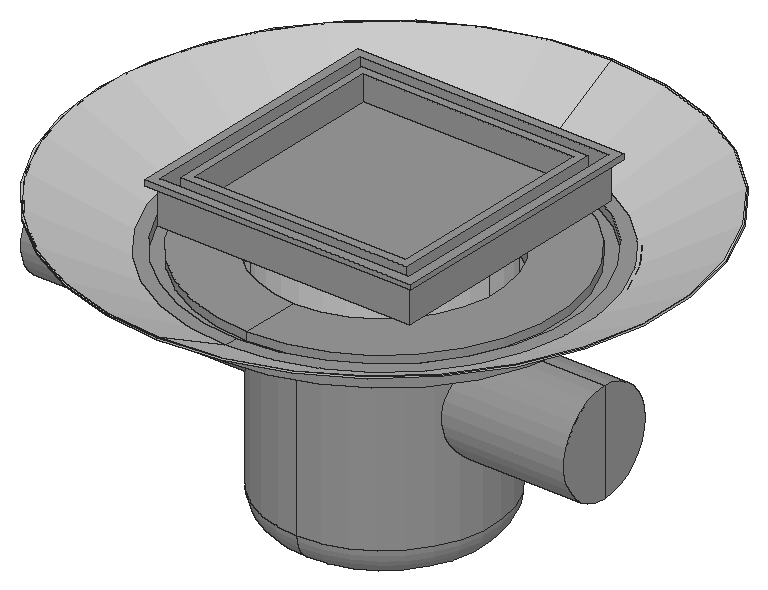
Revit family "HL_Трап для внутренних помещений_HL300-3020", category Instalační zařizovací předměty, Revit 2016
Family settings
  Typ součásti = Normální
  Kóta kulaté spojky = Použít průměr
  Číslo OmniClass = 23.70.50.21.24.14
  Nadpis OmniClass = Deck Waste Water Drains
  Založené na pracovní rovině = Ne
  Vždy vertikální = Ano
  Ořezat dutým tvarem při načtení = Ne
  Sdílené = Ano
  Bod výpočtu místnosti = Ano
Parameters (values of type "HL300-3020")
  РЕШЁТКА = "10 - 80 mm / 132 x 132 mm / PP-V4A"
  РАЗМЕР = "DN50"
  ПРОПУСКНАЯ СПОСОБНОСТЬ = 0.5 L/s
  ПРОИЗВОДИТЕЛЬНОСТЬ = "0,5 l/sec"
  ПРИЁМНОЕ ОТВЕРСТИЕ = "DN40/50"
  ПРАВОВАЯ ИНФОРМАЦИЯ = "Авторские права(©), права на дизайн или какие либо другие права интелектуальной собственности являются исключительной собственностью компании HL Hutterer & Lechner. Изменению не подлежит. Файл семейства с данными о прозводителе изделия защищен паролем с водяным знаком."  # constant formula
  НОРМЫ = ""
  НОМИНАЛЬНЫЙ ДИАМЕТР ПРИТОКА [instance] = 40 mm
  НОМИНАЛЬНЫЙ ДИАМЕТР = 50 mm
  НАСАДКА = "112 x 112 mm / ABS-V4A"
  МАТЕРИАЛ = "PE"
  МАКСИМАЛЬНАЯ НАГРУЗКА КЛАССА = "K3 - 300 kg"
  ВЫСОТА МОНТАЖА = "155 mm"
  ВЕС = "0,85 [kg]"
  Připojení ventilace = no
  Výrobce = "HL Hutterer & Lechner GmbH"  # constant formula
  URL = "http://www.hutterer-lechner.com/ru/products/catalog/floor-drains/attachments/HL300-3020.aspx"
  Připojení odpadu = yes
  Připojení HW = no
  Popis = "Трапы для внутренних помещений"
  Model = "HL300-3020"
  Komentáře k typům = "HL300-3020 Трап для внутренний помещений с гидрозатвором и обратным клапаном, горизонтальный DN50, с дополнительным входом DN40/50, с надставным элементом для вклеивания керамической плитки 132х132/112х112 мм"
  Keynote = "HL300-3020"
  Высота монтажа [instance] = 155 mm
  IN_Test [instance] = if(НОМИНАЛЬНЫЙ ДИАМЕТР ПРИТОКА = 40 mm, 30 mm, if(НОМИНАЛЬНЫЙ ДИАМЕТР ПРИТОКА = 50 mm, 30 mm, 0 mm))  # 30 mm
  EAN = "9003076034345"
  Připojení CW = no
  C [instance] = if(НОМИНАЛЬНЫЙ ДИАМЕТР ПРИТОКА = 40 mm, 164 mm, 114 mm)  # 164 mm
  B [instance] = Высота монтажа - 71 mm  # 84 mm
  A [instance] = if(B - 100 mm > 15 mm, B - 100 mm, 15 mm)  # 15 mm
Reference planes
  plane 1 "Center (Front/Back)": y = 0
  plane 2: z = 0
  plane 3 "Center (Left/Right)": x = 0
  plane 4 "Ball Joint Vertical": x = 25.45
  plane 5: z = -155
  plane 6: z = -84
Lines and regions (mm)
  model lines, style "InvisibleLines"
    curve 1: line (0, 0, 0) -> (0, 0, 1000)
  reference lines
    curve 2: line (0, 0, -84) -> (109, 0, -84)
    curve 6: line (0, 0, -84) -> (-164, 0, -84)
  model lines, detail levels coarse+medium
    curve 3: line (0, 0, -84) -> (0, 0, -69)
    curve 4: line (0, 0, -69) -> (69, 0, 0)
    curve 5: line (0, 0, -69) -> (-69, 0, 0)
    curve 8: line (-164, 0, -84) -> (109, 0, -84)
  symbolic lines, style "InvisibleLines", not visible
    curve 7: line (0, 0, 0) -> (0, 0, -30)
  symbolic lines, detail levels coarse+medium
    curve 9: line (75, 75, 0) -> (-75, 75, 0)
    curve 10: line (75, -75, 0) -> (75, 75, 0)
    curve 11: line (-75, -75, 0) -> (75, -75, 0)
    curve 12: line (-75, 75, 0) -> (-75, -75, 0)
    curve 13: line (75, 75, 0) -> (145.711, 145.711, 0)
    curve 14: line (-75, 75, 0) -> (-145.711, 145.711, 0)
    curve 15: line (75, -75, 0) -> (145.711, -145.711, 0)
    curve 16: line (-75, -75, 0) -> (-145.711, -145.711, 0)
  symbolic lines, not visible, detail levels coarse+medium
    curve 17: line (238.727, 373.786, 0) -> (88.727, 373.786, 0)
    curve 18: line (238.727, 223.786, 0) -> (238.727, 373.786, 0)
    curve 19: line (88.727, 223.786, 0) -> (238.727, 223.786, 0)
    curve 20: line (88.727, 373.786, 0) -> (88.727, 223.786, 0)
    curve 21: line (238.727, 373.786, 0) -> (309.437, 444.496, 0)
    curve 22: line (88.727, 373.786, 0) -> (18.016, 444.496, 0)
    curve 23: line (238.727, 223.786, 0) -> (309.437, 153.075, 0)
    curve 24: line (88.727, 223.786, 0) -> (18.016, 153.075, 0)
Text (mm)
  text "ПОЛ" at (-198.233, 0, -26.556), in view "Drain Construction View"
Dimensions and locks
  locked: plane 4 "Ball Joint Vertical" to plane 3 "Center (Left/Right)" at 25.45
  "Высота монтажа": plane 2 to plane 5
  "A": curve 5 to plane 6
  "B": curve 5 to plane 6
  "B": curve 4 to plane 6
  "B": plane 2 to plane 6
  locked: nested 2 to plane 5 at 141.029
  "IN_Test": curve 7 to curve 7
  "C": curve 6 to curve 6
  locked: curve 8 to curve 6
  locked: curve 8 to curve 2 at 0
  locked: curve 4 to plane 3 "Center (Left/Right)" (angle 45.00°)
  locked: plane 3 "Center (Left/Right)" to curve 5 (angle 45.00°)
  aligned and locked: level to plane 2
  aligned and locked: plane 2 to curve 1
  aligned and locked: plane 3 "Center (Left/Right)" to curve 1
  aligned and locked: plane 3 "Center (Left/Right)" to curve 2
  aligned and locked: plane 3 "Center (Left/Right)" to curve 3
  aligned and locked: plane 3 "Center (Left/Right)" to curve 5
  aligned and locked: nested 2 to nested 3
  aligned and locked: plane 2 to nested 1
Automatic sketch dimensions
  level to curve 1 = 1000 mm
  curve 2 to plane 6 = 0 mm
  plane 4 "Ball Joint Vertical" to curve 2 = 83.55 mm
Nested families
  nested 1: "HL_Насадка_HL3020" at (0, 0, 0), type "HL3020_Main Component"
    with Высота монтажа 30 mm, RN 2, RL 13 mm, R no, NL_Test yes, NL 50 mm
  nested 2: "HL_Корпус для трапа внутренних помещений_HL300K-3020" at (0, 0, -13.971) x (-1, 0, 0) z (0, 0, 1), НОМИНАЛЬНЫЙ ДИАМЕТР ПРИТОКА <- "НОМИНАЛЬНЫЙ ДИАМЕТР ПРИТОКА", type "HL300K-3020_Main Component"
    with НОМИНАЛЬНЫЙ ДИАМЕТР ПРИТОКА 40 mm, A 0 mm
  nested 3: "HL_Вкладыш сифона_HL0300.6E" at (0, 0, -47.306), type "HL0300.6E_Main Component"
Connectors
  piping at (109, 0, -84), diameter 50, driven by "ПРОПУСКНАЯ СПОСОБНОСТЬ", driven by "НОМИНАЛЬНЫЙ ДИАМЕТР"
    settings: on curve 2, index 1, connector inside diameter 609.6 mm, connector length 0 mm, flow factor 0, pipe flow 0.5 L/s, pressure drop 0.0 Pa, fitting loss kfactor 0, connector angle 0.00°, fixture units 0, engagement length 0 mm, angle of deflection 0.00°, flow configuration 1, flow direction 2, fitting loss method 0, system type 16, joint type 0, gender type 0, connector reference index -1, connector utility 0, adjustable connector yes, is connector primary yes, connector description ""
  piping at (-164, 0, -84), diameter 40, driven by "ПРОПУСКНАЯ СПОСОБНОСТЬ", driven by "НОМИНАЛЬНЫЙ ДИАМЕТР ПРИТОКА"
    settings: on curve 6, index 2, connector inside diameter 609.6 mm, connector length 0 mm, flow factor 1, pipe flow 0.5 L/s, pressure drop 0.0 Pa, fitting loss kfactor 0, connector angle 0.00°, fixture units 0, engagement length 0 mm, angle of deflection 0.00°, flow configuration 2, flow direction 1, fitting loss method 0, system type 16, joint type 0, gender type 0, connector reference index -1, connector utility 0, adjustable connector yes, is connector primary no, connector description ""
Definition of nested family "HL_Насадка_HL3020"
  Parameters (values of type "HL3020")
    РЕШЁТКА = "112 x 112 mm / ABS-V4A"
    РАЗМЕР = "d 110 mm"
    ПРАВОВАЯ ИНФОРМАЦИЯ = "Авторские права(©), права на дизайн или какие либо другие права интелектуальной собственности являются исключительной собственностью компании HL Hutterer & Lechner. Изменению не подлежит. Файл семейства с данными о прозводителе изделия защищен паролем с водяным знаком."  # constant formula
    НАСАДКА = "132 x 132 mm / PP-V4A"
    МАКСИМАЛЬНАЯ НАГРУЗКА КЛАССА = "K3 - 300 kg"
    Высота монтажа [instance] = 100 mm
    ВЫСОТА МОНТАЖА = "30 - 100 mm (10-80 mm)"
    ВЕС = "0,32 [kg]"
    Waste Connection = yes
    Vent Connection = no
    RD = 6.5 mm  # constant formula
    R [instance] = ((Высота монтажа - NL_Min) / RD - 1) > 2  # yes
    RL [instance] = RD * RN  # 84.5 mm
    NL_Test [instance] = and(or(Высота монтажа < NL_Max, Высота монтажа = NL_Max), or(Высота монтажа > NL_Min, Высота монтажа = NL_Min))  # yes
    NL_Min = 30 mm
    NL_Max = 100 mm
    NL [instance] = if(NL_Test, Высота монтажа + 20 mm, 0 mm)  # 120 mm
    RN [instance] = if((Высота монтажа + 20 mm - NL_Min) / RD - 1 < 2, 2, (Высота монтажа + 20 mm - NL_Min) / RD - 1)  # 13
    Manufacturer = "HL Hutterer & Lechner GmbH"  # constant formula
    URL = "http://www.hutterer-lechner.com/ru/products/catalog/floor-drains/attachments/HL3020.aspx"
    HW Connection = no
    Description = "Трапы для внутренних помещений - Комплектующие"
    Model = "HL3020"
    Type Comments = "HL3020 Надставной элемент ?110 мм с подрамником из нержавеющей стали 132х132 мм и вкладышем 112х112 мм для вклеивания керамической плитки"
    Keynote = "HL3020"
    EAN = "9003076034253"
    CW Connection = no
  Reference planes
    plane 1 "Center (Front/Back)": y = 0
    plane 2: z = 0
    plane 3 "Center (Left/Right)": x = 0
    plane 4 "Ball Joint Vertical": x = 25.45
    plane 5: z = -120
  Forms (mm)
    Sweep 1, solid, detail levels fine
      path origin (0, 0, 0) x (1, 0, 0) y (0, 1, 0)
        loop
          line (-66, 66) -> (-66, -66) -> (66, -66) -> (66, 66) -> (-66, 66)
      profile origin (0, 66, 0) x (0, 1, 0) y (0, 0, 1)
        loop
          line (0, 0) -> (-4.35, 0) -> (-4.35, -20.7) -> (-3.55, -20.7) -> (-3.55, -2.5) -> (0, -2.5) -> (0, 0)
        loop
          line (-10, 0) -> (-14, 0) -> (-14, -14) -> (-10, -14) -> (-10, 0)
    Extrusion 2, solid, detail levels fine
      sketch origin (0, 0, 0) x (1, 0, 0) y (0, 1, 0)
        loop
          line (-56, 56) -> (-56, -56) -> (56, -56) -> (56, 56) -> (-56, 56)
      from -12 to -14
    Extrusion 3, solid, detail levels fine
      sketch origin (0, 0, 0) x (1, 0, 0) y (0, 1, 0)
        loop
          line (-61.75, 61.75) -> (-61.75, -61.75) -> (61.75, -61.75) -> (61.75, 61.75) -> (-61.75, 61.75)
      from -20.7 to -19.079
    Revolve 4, solid, detail levels fine
      sketch origin (0, 0, 0) x (1, 0, 0) y (0, 0, 1)
        loop
          line (52, -120) -> (52, -20.7) -> (50.2, -20.7) -> (50.2, -120) -> (52, -120)
        axis (0, -20.7) -> (0, -120)
      angle from 0 to 360
  Lines and regions (mm)
    symbolic lines
      curve 1: line (0, 0, -120) -> (0, 0, 0)
    model lines
      curve 2: line (0, 0, 0) -> (0, 0, 100)
  Text (mm)
    text "ROOF/FLOOR" at (-198.233, 0, -26.556), in view "Drain Construction View"
  Dimensions and locks
    locked: plane 4 "Ball Joint Vertical" to plane 3 "Center (Left/Right)" at 25.45
    "NL": plane 2 to plane 5
    equal spacing: group 1, group 3, group 4, group 5, group 6, group 7, group 8, group 9, group 10, group 11, group 12, group 13, group 2  (x3)
    "RL": nested 2 to nested 1
    locked: nested 1 to plane 5 at 1.516
    aligned and locked: level to plane 2
    aligned and locked: plane 3 "Center (Left/Right)" to nested 1
    aligned and locked: plane 1 "Center (Front/Back)" to nested 1
    aligned and locked: plane 2 to curve 1
    aligned and locked: plane 5 to curve 1
    aligned and locked: Sweep 1 to Revolve 4 sketch curve
    aligned and locked: plane 5 to Revolve 4 sketch curve
  Automatic sketch dimensions
    Sweep 1 sketch curve to plane 3 "Center (Left/Right)" = 66 mm
    plane 4 "Ball Joint Vertical" to Sweep 1 sketch curve = 40.55 mm
    plane 1 "Center (Front/Back)" to Sweep 1 sketch curve = 66 mm
    Sweep 1 sketch curve to plane 1 "Center (Front/Back)" = 66 mm
    Sweep 1 sketch curve to profile plane = 0 mm  (x3)
    profile plane to Sweep 1 sketch curve = 3.55 mm
    Sweep 1 sketch curve to Sweep 1 sketch curve = 0.8 mm
    Sweep 1 sketch curve to Sweep 1 sketch curve = 5.65 mm
    Sweep 1 sketch curve to Sweep 1 sketch curve = 4 mm
    Sweep 1 sketch curve to profile plane = 2.5 mm
    Sweep 1 sketch curve to Sweep 1 sketch curve = 11.5 mm
    Sweep 1 sketch curve to Sweep 1 sketch curve = 6.7 mm
    Extrusion 2 sketch curve to plane 3 "Center (Left/Right)" = 56 mm
    plane 4 "Ball Joint Vertical" to Extrusion 2 sketch curve = 30.55 mm
    plane 1 "Center (Front/Back)" to Extrusion 2 sketch curve = 56 mm
    Extrusion 2 sketch curve to plane 1 "Center (Front/Back)" = 56 mm
    Extrusion 3 sketch curve to plane 3 "Center (Left/Right)" = 61.75 mm
    plane 4 "Ball Joint Vertical" to Extrusion 3 sketch curve = 36.3 mm
    plane 1 "Center (Front/Back)" to Extrusion 3 sketch curve = 61.75 mm
    Extrusion 3 sketch curve to plane 1 "Center (Front/Back)" = 61.75 mm
    Revolve 4 sketch curve to plane 3 "Center (Left/Right)" = 0 mm
    plane 4 "Ball Joint Vertical" to Revolve 4 sketch curve = 24.75 mm
    Revolve 4 sketch curve to Revolve 4 sketch curve = 1.8 mm
    Revolve 4 sketch curve to level = 22.222 mm
    level to Revolve 4 sketch curve = 10 mm
    curve 2 to plane 3 "Center (Left/Right)" = 0 mm
    level to curve 2 = 100 mm
  Nested families
    nested 1: "Ring" at (0, 0, -118.484), visible <- "R", type "Ring"
      with R 52 mm, D 104 mm
    nested 2: "Ring" at (0, 0, -33.984), visible <- "R", type "Ring"
      with R 52 mm, D 104 mm
    nested 3: "Ring" at (0, 0, -111.442), visible <- "R", type "Ring"
      with R 52 mm, D 104 mm
    nested 4: "Ring" at (0, 0, -104.401), visible <- "R", type "Ring"
      with R 52 mm, D 104 mm
    nested 5: "Ring" at (0, 0, -97.359), visible <- "R", type "Ring"
      with R 52 mm, D 104 mm
    nested 6: "Ring" at (0, 0, -90.317), visible <- "R", type "Ring"
      with R 52 mm, D 104 mm
    nested 7: "Ring" at (0, 0, -83.276), visible <- "R", type "Ring"
      with R 52 mm, D 104 mm
    nested 8: "Ring" at (0, 0, -76.234), visible <- "R", type "Ring"
      with R 52 mm, D 104 mm
    nested 9: "Ring" at (0, 0, -69.192), visible <- "R", type "Ring"
      with R 52 mm, D 104 mm
    nested 10: "Ring" at (0, 0, -62.151), visible <- "R", type "Ring"
      with R 52 mm, D 104 mm
    nested 11: "Ring" at (0, 0, -55.109), visible <- "R", type "Ring"
      with R 52 mm, D 104 mm
    nested 12: "Ring" at (0, 0, -48.067), visible <- "R", type "Ring"
      with R 52 mm, D 104 mm
    nested 13: "Ring" at (0, 0, -41.026), visible <- "R", type "Ring"
      with R 52 mm, D 104 mm
  Definition of nested family "Ring"
    Parameters (values of type "Ring")
      Manufacturer = ""
      URL = ""
      R = D / 2  # 51.5 mm
      Description = ""
      Model = ""
      Material = none
      Type Comments = ""
      D = 103 mm
      Cost = 0
    Reference planes
      plane 1 "Střed (vpředu/vzadu)": y = 0
      plane 2: z = 0
      plane 3 "Střed (vlevo/vpravo)": x = 0
    Forms (mm)
      Revolve 1, solid, material <- "Material", detail levels fine
        sketch origin (0, 0, 0) x (1, 0, 0) y (0, 0, 1)
          loop
            line (-51.5, 1.482) -> (-54.764, 0) -> (-51.5, -1.516) -> (-51.5, 1.482)
          axis (0, 1.482) -> (0, -1.516)
        angle from 0 to 360
    Dimensions and locks
      "R": Revolve 1 sketch curve to plane 3 "Střed (vlevo/vpravo)"
      aligned and locked: level to plane 2
      aligned and locked: Revolve 1 sketch curve to plane 3 "Střed (vlevo/vpravo)"
    Automatic sketch dimensions
      Revolve 1 sketch curve to level = 0 mm
      Revolve 1 sketch curve to Revolve 1 sketch curve = 3.264 mm
      Revolve 1 sketch curve to level = 1.516 mm
      level to Revolve 1 sketch curve = 1.482 mm
      Revolve 1 sketch curve to level = 381 mm
      Revolve 1 sketch curve to Revolve 1 sketch curve = 2212.833 mm
Definition of nested family "HL_Корпус для трапа внутренних помещений_HL300K-3020"
  Parameters (values of type "HL300K-3020")
    РАЗМЕР = "DN50"
    ПРИЁМНОЕ ОТВЕРСТИЕ = "DN40/50"
    ПРАВОВАЯ ИНФОРМАЦИЯ = "Авторские права(©), права на дизайн или какие либо другие права интелектуальной собственности являются исключительной собственностью компании HL Hutterer & Lechner. Изменению не подлежит. Файл семейства с данными о прозводителе изделия защищен паролем с водяным знаком."  # constant formula
    НОМИНАЛЬНЫЙ ДИАМЕТР ПРИТОКА [instance] = 40 mm
    МАТЕРИАЛ = "PE"
    ВЫСОТА МОНТАЖА = "145 mm"
    ВЕС = "0,47 [kg]"
    Waste Connection = yes
    Vent Connection = no
    Manufacturer = "HL Hutterer & Lechner GmbH"  # constant formula
    URL = "http://www.hutterer-lechner.com/ru/Products/catalog/floor-drains/attachments/HL300K-3020.aspx"
    HW Connection = no
    Description = "Трапы для внутренних помещений - Комплектующие"
    Model = "HL300K-3020"
    Type Comments = "HL300K-3020 Корпус трапа с гидрозатвором и обратным клапаном, с горизонтальным выпуском DN50, с дополнительным входом DN40/50, для серии 3020."
    Keynote = "HL300K-3020"
    EAN = "9003076034338"
    CW Connection = no
    A [instance] = if(НОМИНАЛЬНЫЙ ДИАМЕТР ПРИТОКА = 40 mm, 0 mm, if(НОМИНАЛЬНЫЙ ДИАМЕТР ПРИТОКА = 50 mm, 50 mm, -10 mm))  # 0 mm
  Reference planes
    plane 1 "Center (Front/Back)": y = 0
    plane 2: z = 0
    plane 3 "Center (Left/Right)": x = 0
    plane 4 "Ball Joint Vertical": x = 25.45
  Forms (mm)
    Revolve 1, solid, detail levels fine
      sketch origin (0, 0, 0) x (0, 1, 0) y (0, 0, 1)
        loop
          line (100, -28) -> (100, -22) -> (91.514, -22) -> (91.514, -26) -> (85.014, -26) -> (85.014, -22) -> (56.014, -22) -> (56.014, -36.411) -> (42.014, -36.411) -> (42.014, -32.836) -> (40.014, -32.836) -> (40.014, -44.336) -> (35.514, -44.336) -> (35.514, -46.336) -> (43.014, -46.336) -> (43.014, -38.776) -> (51, -38.776) -> (51, -44.336) -> (51, -125.988)
          arc (51, -125.988) -> (47.485, -134.473) -> (39, -137.988) r 12
          line (39, -137.988) -> (0, -137.988) -> (0, -140.988) -> (39, -140.988)
          arc (39, -140.988) -> (49.607, -136.595) -> (54, -125.988) r 15
          line (54, -125.988) -> (54, -47.988) -> (63.5, -47.988) -> (63.5, -28) -> (100, -28)
        axis (0, -22) -> (0, -140.988)
      angle from 0 to 360
    Revolve 2, void
      sketch origin (0, 0, 0) x (0, 1, 0) y (0, 0, 1)
        loop
          line (141, 0.439) -> (141, -0.938) -> (142.5, -0.938) -> (142.5, 0.439) -> (141, 0.439)
        axis (0, 0.439) -> (0, -0.938)
      angle from 0 to 360
    Revolve 3, solid, detail levels fine
      sketch origin (0, 0, 0) x (1, 0, 0) y (0, 0, 1)
        loop
          line (164, -49.988) -> (119, -49.988) -> (114, -44.988) -> (-109, -44.988) -> (-109, -69.988) -> (164, -69.988) -> (164, -49.988)
        axis (-109, -69.988) -> (164, -69.988)
      angle from 0 to 360
    Extrusion 4, void
      sketch origin (0, 0, 0) x (0, 1, 0) y (0, 0, 1)
        loop
          circle (0, -69.988) r 22
      from -45.446 to -54.704
    Extrusion 5, void
      sketch origin (0, 0, 0) x (1, 0, 0) y (0, 1, 0)
        loop
          circle (0, 0) r 51
      from -44.336 to -95.4
    Extrusion 6, void
      sketch origin (0, 0, 0) x (0, 1, 0) y (0, 0, 1)
        loop
          circle (0, -69.988) r 22
      from 41.774 to 70.911
    Revolve 7, solid, detail levels fine
      sketch origin (0, 0, 0) x (0, 1, 0) y (0, 0, 1)
        loop
          line (142.408, 0) -> (140.394, 0) -> (97.986, -22) -> (100, -22) -> (142.408, 0)
        axis (0, 0) -> (0, -22)
      angle from 0 to 360
    Extrusion 8, void
      sketch origin (164, 0, -69.988) x (0, -1, 0) y (0, 0, 1)
        loop
          line (-40.014, 37.152) -> (-40.014, -37.848) -> (39.986, -37.848) -> (39.986, 37.152) -> (-40.014, 37.152)
      from -10 to 0 <- "A"
  Cuts and joins
    Revolve 2, Extrusion 4, Extrusion 6 cuts Revolve 1
    Extrusion 4, Extrusion 5, Extrusion 6, Extrusion 8 cuts Revolve 3
    joined: Revolve 1, Revolve 3
    Revolve 2 cuts Revolve 7
  Text (mm)
    text "ROOF/FLOOR" at (-198.233, 0, -26.556), in view "Drain Construction View"
  Dimensions and locks
    locked: plane 4 "Ball Joint Vertical" to plane 3 "Center (Left/Right)" at 25.45
    aligned and locked: level to plane 2
Definition of nested family "HL_Вкладыш сифона_HL0300.6E"
  Parameters (values of type "HL0300.6E")
    ПРАВОВАЯ ИНФОРМАЦИЯ = "Авторские права(©), права на дизайн или какие либо другие права интелектуальной собственности являются исключительной собственностью компании HL Hutterer & Lechner. Изменению не подлежит. Файл семейства с данными о прозводителе изделия защищен паролем с водяным знаком."  # constant formula
    ВЕС = "0,06 [kg]"
    Waste Connection = no
    Vent Connection = no
    Manufacturer = "HL Hutterer & Lechner GmbH"  # constant formula
    URL = "http://www.hutterer-lechner.com/ru/products/catalog/floor-drains/attachments/HL0300.6e.aspx"
    HW Connection = no
    Description = "Трапы для внутренних помещений - Комплектующие"
    Model = "HL0300.6E"
    Type Comments = "HL0300.6E Вкладыш запахозапирающий комплектный"
    Keynote = "HL0300.6E"
    EAN = "9003076001224"
    CW Connection = no
  Reference planes
    plane 1 "Center (Front/Back)": y = 0
    plane 2: z = 0
    plane 3 "Center (Left/Right)": x = 0
    plane 4 "Ball Joint Vertical": x = 25.45
  Forms (mm)
    Revolve 1, solid, detail levels fine
      sketch origin (0, 0, 0) x (0, 1, 0) y (0, 0, 1)
        loop
          line (34.779, -11) -> (32.485, -11) -> (32.485, -90) -> (34.779, -90) -> (34.779, -11)
        axis (0, -11) -> (0, -90)
      angle from 0 to 360
    Revolve 2, solid, detail levels fine
      sketch origin (0, 0, 0) x (0, 1, 0) y (0, 0, 1)
        loop
          line (38.4, 0) -> (22.7, -0.841) -> (22.7, -3.345) -> (34, -2.729) -> (34, -7) -> (32.485, -7) -> (32.485, -11) -> (38.4, -11) -> (38.4, 0)
        axis (0, 0) -> (0, -11)
      angle from 0 to 360
    Revolve 3, solid, detail levels fine
      sketch origin (0, 0, 0) x (0, 1, 0) y (0, 0, 1)
        loop
          line (22.9, -67) -> (24.48, -67) -> (24.48, -45.01)
          arc (24.48, -45.01) -> (17.215, -28.215) -> (0, -22.01) r 23.045
          line (0, -22.01) -> (0, -23.606)
          arc (0, -23.606) -> (16.161, -29.985) -> (22.9, -46) r 22.4
          line (22.9, -46) -> (22.9, -67)
        axis (0, -22.01) -> (0, -67)
      angle from 0 to 360
    Extrusion 4, solid, detail levels fine
      sketch origin (0, 0, 0) x (1, 0, 0) y (0, 1, 0)
        loop
          line (29.77, 13) -> (-29.77, 13)
          arc (-29.77, 13) -> (-32.485, 0) -> (-29.77, -13) r 32.485
          line (-29.77, -13) -> (29.77, -13)
          arc (29.77, -13) -> (32.485, 0) -> (29.77, 13) r 32.485
      from -86 to -90
    Extrusion 5, solid, detail levels fine
      sketch origin (0, 0, 0) x (1, 0, 0) y (0, 1, 0)
        loop
          line (-29, 11) -> (29, 11) -> (29, 13) -> (-29, 13) -> (-29, 11)
        loop
          line (-29, -11) -> (-29, -13) -> (29, -13) -> (29, -11) -> (-29, -11)
      from -90 to -94
  Cuts and joins
    joined: Revolve 1, Extrusion 4, Extrusion 5
  Text (mm)
    text "ROOF/FLOOR" at (-198.233, 0, -26.556), in view "Drain Construction View"
  Dimensions and locks
    locked: plane 4 "Ball Joint Vertical" to plane 3 "Center (Left/Right)" at 25.45
    aligned and locked: level to plane 2
